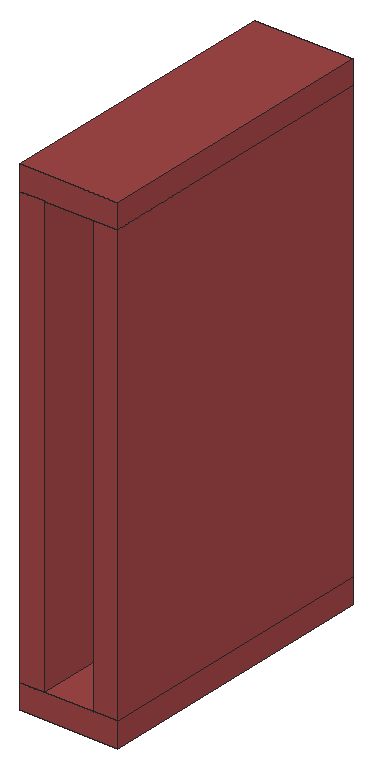
Revit family
Parameters
  altezza ripiano = 50 mm
  spessore piano = 50 mm
  spessore pannelli verticali = 50 mm
  spessore fondo = 50 mm
  profondità top = 600 mm
  materiale = Default
  larghezza top = 200 mm
  distanza fra piani = altezza cassettiera - 2 * altezza ripiano  # 900 mm
  altezza cassettiera = 1000 mm
Reference planes
  plane 1 "Centro (Fronte/Retro)": y = 0
  plane 2: z = 0
  plane 3 "Centro (Sinistra/Destra)": x = 0
  plane 4: x = -100
  plane 5: y = -300
  plane 6: y = 300
  plane 7: x = 100
  plane 8: z = 1000
  plane 9: z = 950
  plane 10: x = -50
  plane 11: y = 250
  plane 12: x = 50
  plane 13: z = 50
  plane 14: z = 500
  plane 15: z = 50
Forms (mm)
  Extrusion 1, solid, material "Default" <- "materiale"
    sketch origin (0, 0, 0) x (1, 0, 0) y (0, 1, 0)
      loop
        line (-100, 300) -> (-100, -300) -> (100, -300) -> (100, 300) -> (-100, 300)
    from 950 to 1000
  Extrusion 2, solid, material "Default" <- "materiale"
    sketch origin (0, 0, 0) x (1, 0, 0) y (0, 1, 0)
      loop
        line (-100, 300) -> (-100, -300) -> (-50, -300) -> (-50, 300) -> (-100, 300)
    from 50 to 950
  Extrusion 3, solid, material "Default" <- "materiale"
    sketch origin (0, 0, 0) x (1, 0, 0) y (0, 1, 0)
      loop
        line (-50, 300) -> (-50, 250) -> (50, 250) -> (50, 300) -> (-50, 300)
    from 50 to 950
  Extrusion 4, solid, material "Default" <- "materiale"
    sketch origin (0, 0, 0) x (1, 0, 0) y (0, 1, 0)
      loop
        line (50, 300) -> (50, -300) -> (100, -300) -> (100, 300) -> (50, 300)
    from 50 to 950
  Extrusion 5, solid, material "Default" <- "materiale"
    sketch origin (0, 0, 0) x (1, 0, 0) y (0, 0, 1)
      loop
        line (-100, 50) -> (-100, 0) -> (100, 0) -> (100, 50) -> (-100, 50)
    from -300 to 300
Dimensions and locks
  equal spacing: plane 4, plane 3 "Centro (Sinistra/Destra)", plane 7
  equal spacing: plane 6, plane 1 "Centro (Fronte/Retro)", plane 5
  "larghezza top": plane 4 to plane 7
  "profondità top": plane 6 to plane 5
  "spessore pannelli verticali": plane 12 to plane 7
  "spessore pannelli verticali": plane 6 to plane 11
  "spessore pannelli verticali": plane 4 to plane 10
  locked: plane 13 to plane 9 at 900
  "altezza cassettiera": plane 8 to level
  equal spacing: plane 9, plane 14, plane 13, locked at 450 each
  plane 8 to plane 9 to plane 13 to level = 50 mm, 900 mm, 50 mm
  plane 8 to plane 9 = 50 mm
  aligned and locked: plane 6 to Extrusion 1
  aligned and locked: Extrusion 1 to plane 5
  aligned and locked: plane 8 to Extrusion 1
  aligned and locked: plane 9 to Extrusion 1
  aligned and locked: plane 4 to Extrusion 2 sketch curve
  aligned and locked: Extrusion 3 sketch curve to Extrusion 1
  aligned and locked: Extrusion 3 sketch curve to plane 12
  aligned and locked: Extrusion 4 sketch curve to plane 6
  aligned and locked: Extrusion 4 sketch curve to Extrusion 1
  aligned and locked: plane 12 to Extrusion 4 sketch curve
  aligned and locked: plane 5 to Extrusion 4 sketch curve
  aligned and locked: Extrusion 2 to Extrusion 1
  aligned and locked: Extrusion 4 to Extrusion 1
  aligned and locked: Extrusion 3 to Extrusion 1
  aligned and locked: Extrusion 4 to plane 13
  aligned and locked: Extrusion 3 to plane 13
  aligned and locked: Extrusion 5 to plane 4
  aligned and locked: Extrusion 5 to Extrusion 3
  aligned and locked: plane 6 to Extrusion 5
  aligned and locked: Extrusion 5 to plane 5
  aligned and locked: Extrusion 3 to plane 11
  aligned and locked: Extrusion 1 to plane 8  (x2)
  aligned and locked: Extrusion 5 to level  (x2)
  aligned and locked: Extrusion 3 to plane 9
  aligned and locked: plane 13 to Extrusion 5  (x4)
  aligned and locked: Extrusion 4 to plane 9
  aligned and locked: Extrusion 2 to plane 13
  aligned and locked: plane 7 to Extrusion 4
  aligned and locked: Extrusion 4 to plane 12
  aligned and locked: plane 10 to Extrusion 2
  aligned and locked: Extrusion 2 to plane 4
  aligned and locked: level to plane 2
  aligned and locked: Extrusion 1 to plane 9
  aligned and locked: plane 9 to Extrusion 4
  aligned and locked: Extrusion 2 to plane 9
Automatic sketch dimensions
  Extrusion 1 sketch curve to plane 4 = 0 mm
  plane 7 to Extrusion 1 sketch curve = 0 mm
  Extrusion 1 sketch curve to plane 5 = 0 mm
  Extrusion 1 sketch curve to plane 6 = 0 mm
  Extrusion 2 sketch curve to plane 5 = 0 mm
  plane 6 to Extrusion 2 sketch curve = 0 mm
  Extrusion 2 sketch curve to plane 10 = 0 mm
  Extrusion 3 sketch curve to plane 1 "Centro (Fronte/Retro)" = 250 mm
  Extrusion 3 sketch curve to plane 10 = 0 mm
  Extrusion 5 sketch curve to plane 4 = 0 mm
  plane 7 to Extrusion 5 sketch curve = 0 mm
  Extrusion 5 sketch curve to level = 0 mm
  plane 13 to Extrusion 5 sketch curve = 0 mm
